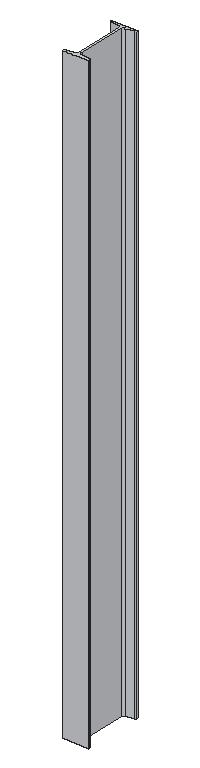
Revit family "StructuralColumns_TaperFlangeISectionProfile", category Structural Columns, Revit 2018
Family settings
  Section Shape = I-split Sloped Flange
  Material for Model Behavior = Steel
  Always export as geometry = No
  Beam cutback in plan = From bounding box
  Cut with Voids When Loaded = No
  Symbolic Representation = From Project Settings
  Shared = No
  Show family pre-cut in plan views = Yes
Parameters (values of type "TaperFlangeISection")
  disp2 = 2 * Flange Fillet * cos(Sloped Flange Angle / 2 + 90.00° / 2)  # 9.188 mm
  disp1 = 2 * Web Fillet * cos(Sloped Flange Angle / 2 + 90.00° / 2)  # 14.438 mm
  Width = 125 mm
  Web Thickness = 11 mm
  Web Fillet = 11 mm
  Structural Material [instance] = none
  Sloped Flange Angle = 7.97°
  Height = 300 mm
  Flange Thickness Location = Width / 4  # 31.25 mm
  Flange Thickness = 16 mm
  Flange Fillet = 7 mm
  Centroid Vertical = 0 mm
  Centroid Horizontal = 0 mm
  Type Comments = ""
  Assembly Code = ""
Reference planes
  plane 1 "Center (Front/Back)": y = 0
  plane 2: z = 0
  plane 3 "Center (Left/Right)": x = 0
  plane 4: y = 150
  plane 5: y = -150
  plane 6: x = -62.5
  plane 7: x = 62.5
  plane 8: y = 134
  plane 9: y = -134
  plane 10: x = -5.5
  plane 11: x = 5.5
  plane 12: x = -31.25
  plane 13: x = 31.25
Forms (mm)
  Extrusion 1, solid, material <- "Structural Material", detail levels fine
    sketch origin (0, 0, 0) x (1, 0, 0) y (0, 1, 0)
      loop
        line (-62.5, 150) -> (-62.5, 144.463)
        arc (-62.5, 144.463) -> (-60.782, 139.87) -> (-56.471, 137.531) r 7
        line (-56.471, 137.531) -> (-14.975, 131.721)
        arc (-14.975, 131.721) -> (-8.2, 128.046) -> (-5.5, 120.828) r 11
        line (-5.5, 120.828) -> (-5.5, -120.828)
        arc (-5.5, -120.828) -> (-8.2, -128.046) -> (-14.975, -131.721) r 11
        line (-14.975, -131.721) -> (-56.471, -137.531)
        arc (-56.471, -137.531) -> (-60.782, -139.87) -> (-62.5, -144.463) r 7
        line (-62.5, -144.463) -> (-62.5, -150) -> (62.5, -150) -> (62.5, -144.463)
        arc (62.5, -144.463) -> (60.782, -139.87) -> (56.471, -137.531) r 7
        line (56.471, -137.531) -> (14.975, -131.721)
        arc (14.975, -131.721) -> (8.2, -128.046) -> (5.5, -120.828) r 11
        line (5.5, -120.828) -> (5.5, 120.828)
        arc (5.5, 120.828) -> (8.2, 128.046) -> (14.975, 131.721) r 11
        line (14.975, 131.721) -> (56.471, 137.531)
        arc (56.471, 137.531) -> (60.782, 139.87) -> (62.5, 144.463) r 7
        line (62.5, 144.463) -> (62.5, 150) -> (-62.5, 150)
    from 0 to 3000
  Extrusion 2, solid, material <- "Structural Material", detail levels medium
    sketch origin (0, 0, 0) x (1, 0, 0) y (0, 1, 0)
      loop
        line (-62.5, 150) -> (-62.5, 138.375) -> (-5.5, 130.395) -> (-5.5, -130.395) -> (-62.5, -138.375) -> (-62.5, -150) -> (62.5, -150) -> (62.5, -138.375) -> (5.5, -130.395) -> (5.5, 130.395) -> (62.5, 138.375) -> (62.5, 150) -> (-62.5, 150)
    from 0 to 3000
Lines and regions (mm)
  symbolic lines, style "Hidden Faces", detail levels medium+fine
    curve 1: line (-5.5, 0, 0) -> (-5.5, 0, 3000)
    curve 2: line (5.5, 0, 3000) -> (5.5, 0, 0)
  symbolic lines, style "StructuralColumnStickSymbols", detail levels coarse
    curve 3: line (62.5, 150, 0) -> (-62.5, 150, 0)
    curve 4: line (-62.5, -150, 0) -> (62.5, -150, 0)
    curve 5: line (0, 150, 0) -> (0, -150, 0)
  reference lines
    curve 6: line (31.25, 134, 0) -> (150.091, 150.639, 0)
    curve 7: line (-31.25, 134, 0) -> (-115.429, 145.786, 0)
    curve 8: line (31.25, -134, 0) -> (137.988, -148.944, 0)
    curve 9: line (-31.25, -134, 0) -> (-137.988, -148.944, 0)
Dimensions and locks
  equal spacing: plane 5, plane 1 "Center (Front/Back)", plane 4
  "Height": plane 5 to plane 4
  equal spacing: plane 6, plane 3 "Center (Left/Right)", plane 7
  "Width": plane 6 to plane 7
  "Flange Thickness Location": plane 6 to plane 12
  "Flange Thickness Location": plane 13 to plane 7
  equal spacing: plane 10, plane 3 "Center (Left/Right)", plane 11
  "Web Thickness": plane 10 to plane 11
  "Flange Thickness": plane 8 to plane 4
  "Flange Thickness": plane 5 to plane 9
  "disp2": Extrusion 1 sketch curve to Extrusion 1 sketch curve  (x4)
  "disp1": Extrusion 1 sketch curve to Extrusion 1 sketch curve  (x4)
  "Flange Fillet": radius of Extrusion 1 sketch curve  (x4)
  "Web Fillet": radius of Extrusion 1 sketch curve  (x4)
  "Sloped Flange Angle": angle plane 8 to curve 6
  "Sloped Flange Angle": angle curve 7 to plane 8
  "Sloped Flange Angle": angle curve 8 to plane 9
  "Sloped Flange Angle": angle plane 9 to curve 9
  aligned and locked: level to plane 2
  aligned and locked: plane 4 to Extrusion 1 sketch curve
  aligned and locked: plane 10 to Extrusion 1 sketch curve
  aligned and locked: plane 11 to Extrusion 1 sketch curve
  aligned and locked: Extrusion 1 sketch curve to plane 5
  aligned and locked: plane 10 to curve 1
  aligned and locked: curve 2 to plane 11
  aligned and locked: plane 2 to curve 1
  aligned and locked: plane 2 to curve 2
  aligned and locked: curve 5 to plane 3 "Center (Left/Right)"
  aligned and locked: level to Extrusion 1
  aligned and locked: Extrusion 1 to level
  aligned and locked: plane 13 to curve 6
  aligned and locked: plane 8 to curve 6
  aligned and locked: plane 12 to curve 7
  aligned and locked: plane 8 to curve 7
  aligned and locked: Extrusion 1 sketch curve to curve 6
  aligned and locked: Extrusion 1 sketch curve to curve 7
  aligned and locked: plane 7 to Extrusion 1 sketch curve
  aligned and locked: Extrusion 1 sketch curve to plane 6
  aligned and locked: plane 13 to curve 8
  aligned and locked: plane 9 to curve 8
  aligned and locked: plane 12 to curve 9
  aligned and locked: plane 9 to curve 9
  aligned and locked: Extrusion 1 sketch curve to curve 8
  aligned and locked: Extrusion 1 sketch curve to curve 9
  aligned and locked: plane 6 to Extrusion 1 sketch curve
  aligned and locked: Extrusion 1 sketch curve to plane 7
  aligned and locked: plane 7 to curve 4
  aligned and locked: plane 5 to curve 4
  aligned and locked: plane 6 to curve 4
  aligned and locked: plane 5 to curve 5
  aligned and locked: curve 3 to plane 4
  aligned and locked: plane 7 to curve 3
  aligned and locked: plane 6 to curve 3
  aligned and locked: plane 4 to curve 5
  aligned and locked: plane 4 to Extrusion 2 sketch curve
  aligned and locked: plane 7 to Extrusion 2 sketch curve
  aligned and locked: Extrusion 2 sketch curve to curve 6
  aligned and locked: plane 11 to Extrusion 2 sketch curve
  aligned and locked: Extrusion 2 sketch curve to plane 6
  aligned and locked: Extrusion 2 sketch curve to curve 7
  aligned and locked: plane 10 to Extrusion 2 sketch curve
  aligned and locked: Extrusion 2 sketch curve to plane 5
  aligned and locked: plane 6 to Extrusion 2 sketch curve
  aligned and locked: Extrusion 2 sketch curve to plane 7
  aligned and locked: Extrusion 2 sketch curve to curve 8
  aligned and locked: Extrusion 2 sketch curve to curve 9
  aligned and locked: level to Extrusion 2
  aligned and locked: Extrusion 2 to plane 2
  aligned and locked: Extrusion 1 to plane 2
  aligned and locked: Extrusion 2 to level  (x2)
  aligned and locked: level to curve 2
  aligned and locked: level to curve 1
